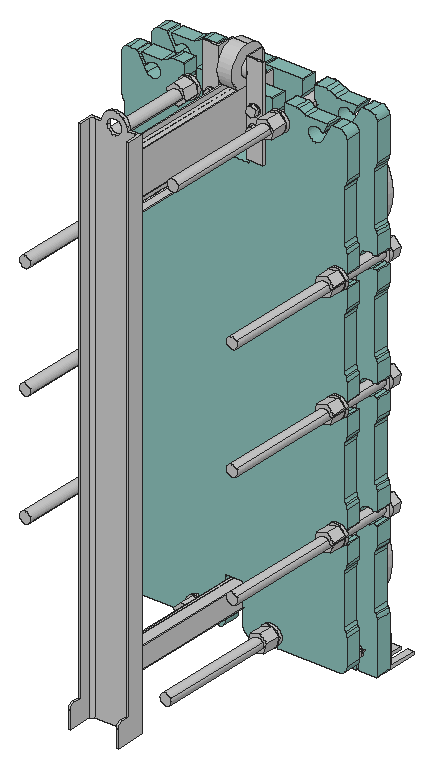
Revit family "Ekin_Endüstriyel - MIT741", category Specialty Equipment, Revit 2022 (continued)
Automatic sketch dimensions
  radius of Extrusion 40 sketch curve = 11.00 mm  (x2)
  radius of Extrusion 41 sketch curve = 10.50 mm  (x4)
Connectors
  piping at (148.5, 28.2, 1140), diameter 152.4
    settings: on Extrusion 16, index 1, connector inside diameter 609.6 mm, connector length 0.00 mm, flow factor 0, pipe flow 0.0 L/s, pressure drop 0 bar, fitting loss kfactor 0, connector angle 0.00°, fixture units 0, engagement length 0.00 mm, angle of deflection 0.00°, flow configuration 0, flow direction 1, fitting loss method 0, system type 7, joint type 0, gender type 0, connector reference index -1, connector utility 0, adjustable connector no, is connector primary yes, connector description ""
  piping at (-148.5, 28.2, 1140), diameter 152.4
    settings: on Extrusion 16, index 2, connector inside diameter 609.6 mm, connector length 0.00 mm, flow factor 0, pipe flow 0.0 L/s, pressure drop 0 bar, fitting loss kfactor 0, connector angle 0.00°, fixture units 0, engagement length 0.00 mm, angle of deflection 0.00°, flow configuration 0, flow direction 2, fitting loss method 0, system type 7, joint type 0, gender type 0, connector reference index -1, connector utility 0, adjustable connector no, is connector primary no, connector description ""
  piping at (148.5, 28.2, 250), diameter 152.4
    settings: on Extrusion 16, index 3, connector inside diameter 609.6 mm, connector length 0.00 mm, flow factor 0, pipe flow 0.0 L/s, pressure drop 0 bar, fitting loss kfactor 0, connector angle 0.00°, fixture units 0, engagement length 0.00 mm, angle of deflection 0.00°, flow configuration 0, flow direction 2, fitting loss method 0, system type 7, joint type 0, gender type 0, connector reference index -1, connector utility 0, adjustable connector no, is connector primary no, connector description ""
  piping at (-148.5, 28.2, 250), diameter 152.4
    settings: on Extrusion 16, index 4, connector inside diameter 609.6 mm, connector length 0.00 mm, flow factor 0, pipe flow 0.0 L/s, pressure drop 0 bar, fitting loss kfactor 0, connector angle 0.00°, fixture units 0, engagement length 0.00 mm, angle of deflection 0.00°, flow configuration 0, flow direction 1, fitting loss method 0, system type 7, joint type 0, gender type 0, connector reference index -1, connector utility 0, adjustable connector no, is connector primary no, connector description ""
